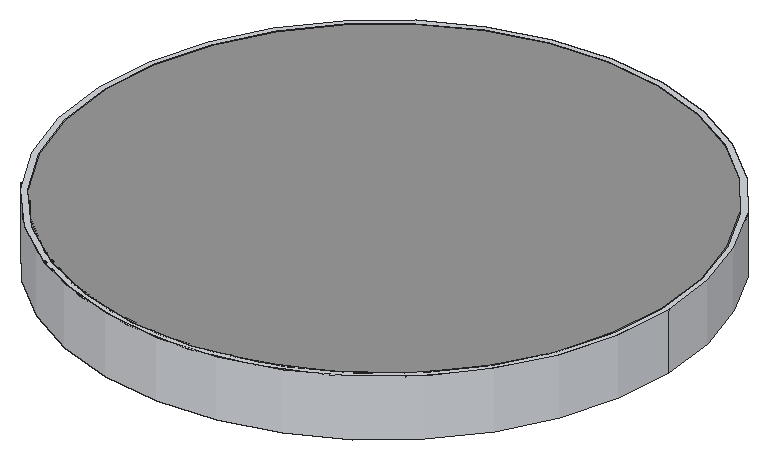
Revit family "2071231", category Lighting Fixtures, host Face, Revit 2018
Family settings
  Host = Face
  Round Connector Dimension = Use Diameter
  Part Type = Normal
  OmniClass Number = 23.80.70.00
  OmniClass Title = Lighting
  Cut with Voids When Loaded = No
  Light Source = Yes
  Shared = No
  Room Calculation Point = No
Parameters (values of type "2071231 COLOSSAL 600 940 PR DIR+H WHT SSA02")
  iner diameter = 588 mm
  Weight = "n/a"
  Wattage Comments = ""
  Wattage = 30 W
  WarrantyStartDate [instance] = "n/a"
  WarrantyGuarantorParts = "n/a"
  WarrantyDurationUnit = "n/a"
  WarrantyDurationParts = ""
  WarrantyDescription = "http://www.sylvania-lighting.com"
  built-in parameter 1150110 = 1 (stored number, unit not read)
  Voltage = 230 V
  URL = "0.95"
  TypeName = "COLOSSAL 600mm 940 PRISM DIR+HAL WHITE SSA02"
  Type Image = <None>
  Type Comments = "n/a"
  built-in parameter 1114217 = 1 (stored number, unit not read)
  Tilt Angle = -90.00°
  built-in parameter 1150109 = 1 (stored number, unit not read)
  built-in parameter 1150134 = (empty or 0)
  built-in parameter 1150113 = 1 (stored number, unit not read)
  SerialNumber [instance] = "n/a"
  Photometric Web File = "2071231.ies"
  Material_3_SYL = LED-Sylvania
  PowerFactor = 0
  PowerConsumption = "Lighting"
  NominalLength = 600 mm
  NominalHeight = 93 mm
  NominalDepth = 600 mm
  Name = "COLOSSAL 600mm 940 PRISM DIR+HAL WHITE SSA02"
  ModelReference = Name  # "COLOSSAL 600mm 940 PRISM DIR+HAL WHITE SSA02"
  ModelNumber = "2071231"
  Model = Name  # "COLOSSAL 600mm 940 PRISM DIR+HAL WHITE SSA02"
  Material = "Feilo Sylvania"
  ManufacturerName = "111 lm/W"
  Manufacturer = ""
  LuminousEfficacy = ""
  built-in parameter 1150105 = 270.44 (stored number, unit not read)
  Lumens = 3398.4 lm
  LuminaireType = "0"
  built-in parameter 1150115 = 1 (stored number, unit not read)
  LightOutputRatio = "LED"
  built-in parameter 1150137 = (empty or 0)
  built-in parameter 1150139 = (empty or 0)
  LampsType = Lamp  # "n/a"
  LampNominalLuminous = "4000 K"
  LampMacAdamStep = "90"
  LampColourTemperature = "LED"
  LampColourRenderingIndex = "16500"
  built-in parameter 1150112 = 1 (stored number, unit not read)
  built-in parameter 1150114 = 1 (stored number, unit not read)
  Lamp = "n/a"
  Keynote = "n/a"
  InstallationDate [instance] = "n/a"
  InputVoltage = "0"
  InputNominalFrequency = "4000"
  built-in parameter 1150132 = (empty or 0)
  built-in parameter 1150102 = (empty or 0)
  built-in parameter 1150107 = 3000 (stored number, unit not read)
  built-in parameter 1150138 = (empty or 0)
  IngressProtection = "IfcLightFixtureType"
  ImpactProtectionIndex = "IfcLightFixtureType"
  built-in parameter 1150106 = 2.7044 (stored number, unit not read)
  IfcExportType = "IfcLightFixtureType"
  IfcExportAs = "Class I"
  Emit from Circle Diameter = 385 mm
  Emit Shape Visible in Rendering = no
  ElectricShockClassification = "111"
  built-in parameter 1150104 = 10.524 (stored number, unit not read)
  DocumentationLiterature = "http://www.sylvania-lighting.com/product/en-int/products/2071231"
  DimmingControlOptions = "n/a"
  Material_2_SYL = Polycarbonate_Sylvania_White
  Dimming Lamp Color Temperature Shift = <None>
  Description = "600mm diameter circular architectural luminaire, can be surface mounted or suspended. Powder coated aluminium housing (RAL9016) with PMMA prismatic diffuser. Direct/indirect (halo) light distribution, 3485lm luminuous flux, 31.3W system power, 111lm/W luminiaire efficacy. Sylsmart Connected enabled. Colour rendering index Ra >90, 4000K Neutral White LED, chromaticity tolerance of 3-step MacAdam ellipse. IP40, IK03. 350mA drive current. UGR≤19. Electrical protection Class1, 220-240V. Reported lifetime 66k hours L90B10."
  Default Elevation = 1219.2 mm
  CreatedOn = "23/03/2022"
  CreatedBy = "@sylvania-lighting.com"
  Cost = 0
  Color Filter = 16777215
  built-in parameter 1114216 [instance] = (empty or 0)
  ClassificationValue = "EF_70_80"
  ClassificationName = "Uniclass2015"
  Material_1_SYL = Polycarbonate_Sylvania_Opal
  BarCode [instance] = "n/a"
  built-in parameter 1114218 = 1 (stored number, unit not read)
  built-in parameter 1150133 = 10 (stored number, unit not read)
  AssetType = "Fixed"
  AssetIdentifier [instance] = "n/a"
  Assembly Code = "D5020200"
  Apparent Load = 31.3 VA
  Material_4_SYL = none
Reference planes
  plane 1 "Center (Front/Back)": y = 0
  plane 2: z = 0
  plane 3 "Center (Left/Right)": x = 0
  plane 4: x = -300
  plane 5: x = 300
  plane 6: y = 300
  plane 7: y = -300
  plane 8: y = 212
  plane 9: y = -212
  plane 10: z = 93
  plane 11: y = 294
  plane 12: y = -294
  plane 13: through (0, 0, 1219.2) normal (0.5, -0.866, 0)
  plane 14: through (-134.29, 20.617, 1219.2) normal (0.5, -0.866, 0)
  plane 15: through (-144.685, -181.683, 1219.2) normal (-0.5, 0.866, 0)
  plane 16: through (0, 0, 1219.2) normal (0.5, 0.866, 0)
  plane 17: through (178.555, -4.939, 1219.2) normal (0.5, 0.866, 0)
  plane 18: through (87.581, -148.715, 1219.2) normal (0.5, 0.866, 0)
  plane 19: y = 272
  plane 20: through (105.168, 227.067, 1219.2) normal (0.866, 0.5, 0)
  plane 21: through (-104.171, 225.672, 1219.2) normal (0.8572, -0.515, 0)
  plane 22: y = -204.612
  plane 23: through (-296.643, -30.2, 1219.2) normal (0.866, 0.5, 0)
  plane 24: through (153.092, -278.837, 1219.2) normal (-0.866, 0.5, 0)
Forms (mm)
  Extrusion 1, solid, detail levels medium+fine
    sketch origin (0, 0, 0) x (1, 0, 0) y (0, 1, 0)
      loop
        circle (0, 0) r 300
    from 33.023 to 93
  Extrusion 2, void
    sketch origin (0, 0, 0) x (1, 0, 0) y (0, 1, 0)
      loop
        circle (0, 0) r 294
    from 93 to 37.292
  Extrusion 3, solid, material "Glass, White, High Luminance", detail levels fine
    sketch origin (0, 0, 0) x (1, 0, 0) y (0, 1, 0)
      loop
        circle (0, 0) r 294
    from 88.026 to 93
  Extrusion 4, solid, detail levels coarse
    sketch origin (0, 0, 0) x (1, 0, 0) y (0, 1, 0)
      loop
        line (-300, 300) -> (-300, -300) -> (300, -300) -> (300, 300) -> (-300, 300)
    from 0 to 93
  Blend 5, solid, detail levels medium+fine
    base sketch origin (0, 0, 0) x (1, 0, 0) y (0, 1, 0)
      loop
        line (-76.334, 272) -> (-277.665, -63.07) -> (-195.946, -204.612) -> (195.946, -204.612) -> (275.172, -67.388) -> (79.226, 272) -> (-76.334, 272)
    top sketch origin (0, 0, 0) x (1, 0, 0) y (0, 1, 0)
      loop
        line (-226.097, -32.388) -> (-141.097, -179.612) -> (141.097, -179.612) -> (226.097, -32.388) -> (85, 212) -> (-85, 212) -> (-226.097, -32.388)
    from 33.023 to 0
Cuts and joins
  Extrusion 2 cuts Extrusion 1
Lines and regions (mm)
  model lines
    curve 1: line (-85, 212, 0) -> (0, 212, 0)
    curve 2: line (0, 212, 0) -> (85, 212, 0)
Dimensions and locks
  "NominalDepth": plane 6 to plane 7
  "NominalLength": plane 4 to plane 5
  equal spacing: plane 4, plane 3 "Center (Left/Right)", plane 5
  "iner diameter": plane 11 to plane 12
  equal spacing: plane 11, plane 1 "Center (Front/Back)", plane 12
  equal spacing: plane 6, plane 1 "Center (Front/Back)", plane 7
  "NominalHeight": plane 10 to level
  radius of Extrusion 2 sketch curve = 294 mm
  aligned and locked: plane 2 to host face
  aligned and locked: level to host face
Automatic sketch dimensions
  host sketch curve to host sketch curve = 2438.4 mm  (x2)
  plane 1 "Center (Front/Back)" to Extrusion 1 sketch curve = 0 mm
  Extrusion 1 sketch curve to plane 3 "Center (Left/Right)" = 0 mm
  plane 1 "Center (Front/Back)" to Extrusion 2 sketch curve = 0 mm
  Extrusion 2 sketch curve to plane 3 "Center (Left/Right)" = 0 mm
  plane 1 "Center (Front/Back)" to Extrusion 3 sketch curve = 0 mm
  Extrusion 3 sketch curve to plane 3 "Center (Left/Right)" = 0 mm
  Extrusion 4 sketch curve to plane 4 = 0 mm
  Extrusion 4 sketch curve to plane 5 = 0 mm
  Extrusion 4 sketch curve to plane 7 = 0 mm
  Extrusion 4 sketch curve to plane 6 = 0 mm
  Blend 5 sketch curve to plane 8 = 0 mm
  Blend 5 sketch curve to plane 3 "Center (Left/Right)" = 85 mm
  plane 3 "Center (Left/Right)" to Blend 5 sketch curve = 85 mm
  plane 9 to Blend 5 sketch curve = 32.388 mm
  plane 3 "Center (Left/Right)" to Blend 5 sketch curve = 141.097 mm
  plane 1 "Center (Front/Back)" to Blend 5 sketch curve = 32.388 mm  (x2)
  Blend 5 sketch curve to plane 5 = 73.903 mm
  Blend 5 sketch curve to plane 3 "Center (Left/Right)" = 141.097 mm
  plane 4 to Blend 5 sketch curve = 73.903 mm
  curve 1 to plane 8 = 0 mm
  curve 2 to plane 3 "Center (Left/Right)" = 0 mm
  curve 1 to plane 3 "Center (Left/Right)" = 85 mm
  curve 1 to curve 2 = 85 mm
  Blend 5 sketch curve to plane 21 = 0 mm
  Blend 5 sketch curve to plane 23 = 0 mm  (x2)
  Blend 5 sketch curve to plane 22 = 0 mm
  Blend 5 sketch curve to plane 19 = 0 mm
  plane 21 to Blend 5 sketch curve = 0 mm
  Blend 5 sketch curve to plane 20 = 0 mm  (x2)
  Blend 5 sketch curve to plane 24 = 0 mm  (x2)
  radius of Extrusion 1 sketch curve = 300 mm
  radius of Extrusion 3 sketch curve = 294 mm
Connectors
  electrical at (0, 0, 0), driven by "Apparent Load", driven by "PowerFactor", driven by "Voltage"
    settings: index 1, voltage 230 V, apparent load 31.3 VA, apparent load phase1 0 VA, apparent load phase2 0 VA, apparent load phase3 0 VA, power factor 0, load classification "Lighting", number of poles 1, system type 30, power factor state 1, is connector primary yes, connector utility no, sub classification motor no, connector description ""
